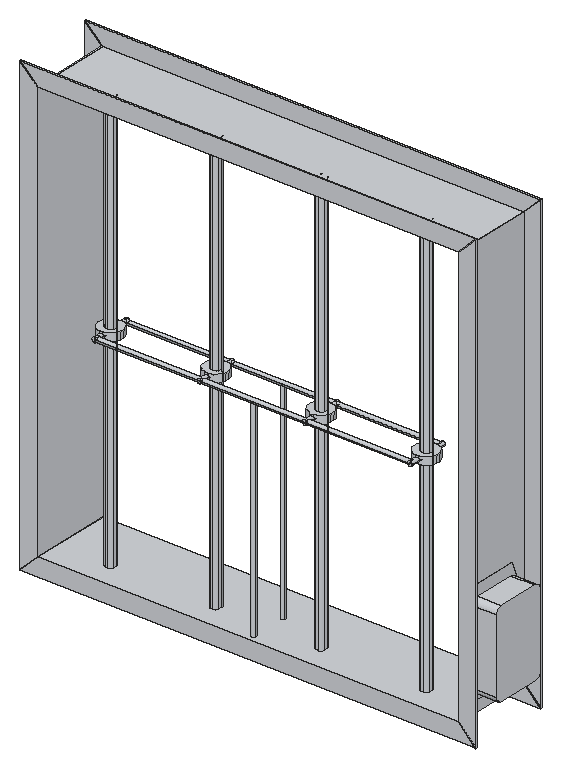
Revit family "X-10", category Mechanical Equipment, Revit 2015
Parameters
  URL = "https://unitedenertech.com/catalog/pdf/O_7%20X-10%20AMS.pdf"
  Type Comments = "Consult Factory for Max. Sizes"
  Sleeve Width O.D. [instance] = Exact Width + 0' 3"  # 3' - 3"
  Sleeve Height O.D. [instance] = Exact Height + 0' 3"  # 3' - 3"
  Model = "X-10"
  (4) Tube Visibility [instance] = if(Exact Width > 2' 11 251/256", 2 > 1, 1 > 2)  # yes
  (3) Tube Visibility [instance] = if(and(Exact Width > 1' 11 251/256", Exact Width < 2' 11 251/256"), 2 > 1, 1 > 2)  # no
  (2) Tube Visibility [instance] = if(and(Exact Width > 0' 11 251/256", Exact Width < 1' 11 251/256"), 2 > 1, 1 > 2)  # no
  (1) Tube Visibility [instance] = if(Exact Width < 0' 11 251/256", 2 > 1, 1 > 2)  # no
  Manufacturer = "United Enertech Corporation"
  Keynote = "Flow Sensors set to visibility parameters, correct number and spacing will show when loaded into project."
  Exact Width = 3' - 0"
  Exact Height = 3' - 0"
  Description = "Air Measuring Station"
  Depth = 0' - 7"
  Damper Width [instance] = Exact Width - 0' 0 1/4"  # 2' - 11 3/4"
  Damper Height [instance] = Exact Height - 0' 0 1/4"  # 2' - 11 3/4"
Reference planes (in)
  plane 1 "Center (Front/Back)": y = 0
  plane 2: z = 0
  plane 3 "Center (Left/Right)": x = 0
  plane 4: x = -18
  plane 5: x = 18
  plane 6: z = 36
  plane 7: y = 7
  plane 8: z = 18
  plane 9: x = 18.0478
  plane 10: z = 32.62969
  plane 11: y = 2.1952
  plane 12: y = 3.5
Forms (in)
  Extrusion 1, solid
    sketch origin (13, 0.1875, 0) x (1, 0, 0) y (0, 1, 0)
      loop
        circle (-13, 0.45626) r 0.1875
    from 0 to 18
  Extrusion 2, solid
    sketch origin (13, 3.29038, 0) x (1, 0, 0) y (0, 1, 0)
      loop
        circle (-13, 0.45626) r 0.1875
    from 0 to 18
Dimensions and locks (in)
  equal spacing: plane 4, plane 3 "Center (Left/Right)", plane 5
  "Exact Width": plane 4 to plane 5
  "Exact Height": plane 6 to level
  "Depth": plane 7 to plane 1 "Center (Front/Back)"
  equal spacing: plane 6, plane 8, level
  locked: plane 9 to plane 5 at 0.0478
  locked: plane 6 to plane 10 at 3.37031
  equal spacing: plane 7, plane 12, plane 1 "Center (Front/Back)"
  aligned and locked: level to plane 2
  aligned and locked: plane 8 to Extrusion 1
  aligned and locked: plane 8 to Extrusion 2
  aligned and locked: plane 9 to nested 2
  aligned and locked: plane 3 "Center (Left/Right)" to nested 1
  aligned and locked: plane 11 to nested 3
  aligned and locked: plane 3 "Center (Left/Right)" to nested 3
  aligned and locked: plane 11 to nested 4
  aligned and locked: plane 3 "Center (Left/Right)" to nested 4
  aligned and locked: plane 11 to nested 5
  aligned and locked: plane 3 "Center (Left/Right)" to nested 5
  aligned and locked: nested 6 to plane 4
  aligned and locked: plane 1 "Center (Front/Back)" to nested 6
  aligned and locked: level to nested 6
  aligned and locked: nested 8 to level
  aligned and locked: nested 8 to plane 1 "Center (Front/Back)"
  aligned and locked: plane 5 to nested 8
  aligned and locked: nested 7 to plane 3 "Center (Left/Right)"
  aligned and locked: plane 1 "Center (Front/Back)" to nested 7
  aligned and locked: level to nested 7
  aligned and locked: plane 3 "Center (Left/Right)" to nested 9
  aligned and locked: nested 9 to plane 1 "Center (Front/Back)"
  aligned and locked: plane 6 to nested 9
Automatic sketch dimensions
  Extrusion 1 sketch curve to plane 3 "Center (Left/Right)" = 0' - 0"
  Extrusion 1 sketch curve to plane 1 "Center (Front/Back)" = 0' - 0.64376"
  Extrusion 2 sketch curve to plane 3 "Center (Left/Right)" = 0' - 0"
  Extrusion 2 sketch curve to plane 1 "Center (Front/Back)" = 0' - 3.74664"
  radius of Extrusion 1 sketch curve = 0' - 0 3/16"
  radius of Extrusion 2 sketch curve = 0' - 0 3/16"
Nested families (in)
  nested 1: "Vertical Tubes" at (0, 2.1952, 0), visible <- "(1) Tube Visibility", type "Vertical Tubes"
  nested 2: "Transducer" at (32.21171, 13.85532, 4.28734), type "Transducer"
  nested 3: "2 Tubes" at (0, 2.1952, 0), visible <- "(2) Tube Visibility", type "2 Tubes"
    with Tube End 0' - 9", Tube Width 3' - 0", Tube Height 3' - 0"
  nested 4: "3 Tubes" at (0, 2.1952, 0), visible <- "(3) Tube Visibility", type "3 Tubes"
    with Tube End 0' - 6", Tube Width 3' - 0", Tube Height 3' - 0"
  nested 5: "4 Tubes" at (0, 2.1952, 0), visible <- "(4) Tube Visibility", type "4 Tubes"
    with Tube Middle 0' - 9", Tube End 0' - 4 1/2", Tube Width 3' - 0"
  nested 6: "X10 Sleeve" at (-19.5, 5.5, -1.5), type "X10 Sleeve"
    with Sleeve Height 3' - 3"
  nested 7: "X10 Sleeve Sill" at (19.5, 5.5, -1.5) x (0, 0, 1) z (-1, 0, 0), type "X10 Sleeve Sill"
    with Sleeve Height 3' - 3"
  nested 8: "X10 Sleeve" at (19.5, 5.5, -1.5) x (-1, 0, 0) z (0, 0, 1), type "X10 Sleeve"
    with Sleeve Height 3' - 3"
  nested 9: "X10 Sleeve Sill" at (19.5, 5.5, 37.5) x (0, 0, -1) z (-1, 0, 0), type "X10 Sleeve Sill"
    with Sleeve Height 3' - 3"
Definition of nested family "Vertical Tubes"
  Parameters (values of type "Vertical Tubes")
    Tube Height = 3' - 0"
  Reference planes (in)
    plane 1 "Center (Front/Back)": y = 0
    plane 2: z = 0
    plane 3 "Center (Left/Right)": x = 0
    plane 4: z = 18
    plane 5: z = 36
    plane 6: z = 17.6875
    plane 7: z = 18.3125
    plane 8: y = -1.73894
    plane 9: y = -0.74581
  Forms (in)
    Extrusion 1, solid
      sketch origin (0, 0, 0) x (1, 0, 0) y (0, 1, 0)
        loop
          arc (-0.40507, -0.1653) -> (-0.28804, -0.3293) -> (-0.10992, -0.42347) r 0.4375
          line (-0.10992, -0.42347) -> (0.10992, -0.42347)
          arc (0.10992, -0.42347) -> (0.28804, -0.3293) -> (0.40507, -0.1653) r 0.4375
          line (0.40507, -0.1653) -> (0.40507, 0.1653)
          arc (0.40507, 0.1653) -> (0.28804, 0.3293) -> (0.10992, 0.42347) r 0.4375
          line (0.10992, 0.42347) -> (-0.10992, 0.42347)
          arc (-0.10992, 0.42347) -> (-0.28804, 0.3293) -> (-0.40507, 0.1653) r 0.4375
          line (-0.40507, 0.1653) -> (-0.40507, -0.1653)
      from 0 to 36
    Extrusion 2, solid
      sketch origin (-4.5, 0, 0) x (1, 0, 0) y (0, 1, 0)
        loop
          arc (4.64833, -0.98894) -> (5.20195, -0.71223) -> (5.48668, -0.16268) r 1
          line (5.48668, -0.16268) -> (5.48668, 0.16268)
          arc (5.48668, 0.16268) -> (5.20195, 0.71223) -> (4.64833, 0.98894) r 1
          line (4.64833, 0.98894) -> (4.35167, 0.98894)
          arc (4.35167, 0.98894) -> (3.79805, 0.71223) -> (3.51332, 0.16268) r 1
          line (3.51332, 0.16268) -> (3.51332, -0.16268)
          arc (3.51332, -0.16268) -> (3.79805, -0.71223) -> (4.35167, -0.98894) r 1
          line (4.35167, -0.98894) -> (4.64833, -0.98894)
        loop
          arc (4.39008, 0.42347) -> (4.21196, 0.3293) -> (4.09493, 0.1653) r 0.4375
          line (4.09493, 0.1653) -> (4.09493, -0.1653)
          arc (4.09493, -0.1653) -> (4.21196, -0.3293) -> (4.39008, -0.42347) r 0.4375
          line (4.39008, -0.42347) -> (4.60992, -0.42347)
          arc (4.60992, -0.42347) -> (4.78804, -0.3293) -> (4.90507, -0.1653) r 0.4375
          line (4.90507, -0.1653) -> (4.90507, 0.1653)
          arc (4.90507, 0.1653) -> (4.78804, 0.3293) -> (4.60992, 0.42347) r 0.4375
          line (4.60992, 0.42347) -> (4.39008, 0.42347)
      from 17.6875 to 18.3125
    Extrusion 3, solid
      sketch origin (0, 0, 0) x (1, 0, 0) y (0, 0, 1)
        loop
          circle (0, 18) r 0.1875
      from 0.74581 to 1.73894
    Extrusion 4, solid
      sketch origin (0, 0, 0) x (1, 0, 0) y (0, 0, -1)
        loop
          circle (0, -18) r 0.1875
      from 0.74581 to 1.73894
  Lines and regions (in)
    model lines
      curve 1: line (-0.40507, -0.1653, 0) -> (-0.40507, 0.1653, 0)
      curve 2: line (-0.10992, 0.42347, 0) -> (0.10992, 0.42347, 0)
      curve 3: line (0.40507, -0.1653, 0) -> (0.40507, 0.1653, 0)
      curve 4: line (-0.10992, -0.42347, 0) -> (0.10992, -0.42347, 0)
      curve 5: arc (-0.40507, -0.1653, 0) -> (-0.28804, -0.3293, 0) -> (-0.10992, -0.42347, 0) r 0.4375
      curve 6: arc (0.10992, -0.42347, 0) -> (0.28804, -0.3293, 0) -> (0.40507, -0.1653, 0) r 0.4375
      curve 7: arc (-0.40507, 0.1653, 0) -> (-0.28804, 0.3293, 0) -> (-0.10992, 0.42347, 0) r 0.4375
      curve 8: arc (0.10992, 0.42347, 0) -> (0.28804, 0.3293, 0) -> (0.40507, 0.1653, 0) r 0.4375
  Dimensions and locks (in)
    equal spacing: plane 5, plane 4, level
    "Tube Height": plane 5 to level
    locked: plane 4 to plane 6 at 0.3125
    locked: plane 7 to plane 4 at 0.3125
    locked: plane 1 "Center (Front/Back)" to plane 9 at 0.74581
    locked: plane 9 to plane 8 at 0.99313
    aligned and locked: level to plane 2
    aligned and locked: plane 5 to Extrusion 1
    aligned and locked: plane 7 to Extrusion 2
    aligned and locked: plane 6 to Extrusion 2
    aligned and locked: Extrusion 3 to plane 8
    aligned and locked: plane 9 to Extrusion 3
  Automatic sketch dimensions
    curve 5 to curve 6 = 0' - 0"  (x2)
    curve 5 to curve 7 = 0' - 0"  (x2)
    curve 5 to curve 8 = 0' - 0"  (x2)
    curve 6 to curve 7 = 0' - 0"  (x2)
    curve 6 to curve 8 = 0' - 0"  (x2)
    curve 7 to curve 8 = 0' - 0"  (x2)
    plane 1 "Center (Front/Back)" to curve 5 = 0' - 0"
    curve 5 to plane 3 "Center (Left/Right)" = 0' - 0"
    curve 2 to plane 3 "Center (Left/Right)" = 0' - 0.10992"
    curve 4 to plane 3 "Center (Left/Right)" = 0' - 0.10992"
    plane 1 "Center (Front/Back)" to curve 1 = 0' - 0.1653"
    curve 1 to curve 5 = 0' - 0.29515"
    plane 3 "Center (Left/Right)" to curve 4 = 0' - 0.10992"
    plane 3 "Center (Left/Right)" to curve 2 = 0' - 0.10992"
    plane 1 "Center (Front/Back)" to curve 3 = 0' - 0.1653"
    curve 1 to plane 1 "Center (Front/Back)" = 0' - 0.1653"
    Extrusion 1 sketch curve to Extrusion 1 sketch curve = 0' - 0"  (x12)
    plane 1 "Center (Front/Back)" to Extrusion 1 sketch curve = 0' - 0"
    Extrusion 1 sketch curve to plane 3 "Center (Left/Right)" = 0' - 0"
    Extrusion 1 sketch curve to plane 3 "Center (Left/Right)" = 0' - 0.10992"  (x2)
    plane 1 "Center (Front/Back)" to Extrusion 1 sketch curve = 0' - 0.1653"
    Extrusion 1 sketch curve to Extrusion 1 sketch curve = 0' - 0.29515"  (x2)
    plane 3 "Center (Left/Right)" to Extrusion 1 sketch curve = 0' - 0.10992"  (x2)
    Extrusion 1 sketch curve to plane 1 "Center (Front/Back)" = 0' - 0.1653"
    Extrusion 2 sketch curve to Extrusion 2 sketch curve = 0' - 0"  (x56)
    plane 1 "Center (Front/Back)" to Extrusion 2 sketch curve = 0' - 0"
    Extrusion 2 sketch curve to plane 3 "Center (Left/Right)" = 0' - 0"
    Extrusion 2 sketch curve to plane 3 "Center (Left/Right)" = 0' - 0.10992"  (x2)
    Extrusion 2 sketch curve to plane 3 "Center (Left/Right)" = 0' - 0.14833"  (x2)
    Extrusion 2 sketch curve to plane 1 "Center (Front/Back)" = 0' - 0.1653"  (x2)
    Extrusion 2 sketch curve to Extrusion 2 sketch curve = 0' - 0.29515"
    Extrusion 2 sketch curve to plane 1 "Center (Front/Back)" = 0' - 0.16268"
    Extrusion 2 sketch curve to Extrusion 2 sketch curve = 0' - 0.58161"  (x2)
    plane 3 "Center (Left/Right)" to Extrusion 2 sketch curve = 0' - 0.10992"  (x2)
    plane 3 "Center (Left/Right)" to Extrusion 2 sketch curve = 0' - 0.14833"  (x2)
    plane 1 "Center (Front/Back)" to Extrusion 2 sketch curve = 0' - 0.16268"
    plane 1 "Center (Front/Back)" to Extrusion 2 sketch curve = 0' - 0.42347"
    Extrusion 3 sketch curve to plane 3 "Center (Left/Right)" = 0' - 0"
    Extrusion 3 sketch curve to plane 4 = 0' - 0"
    Extrusion 4 sketch curve to plane 3 "Center (Left/Right)" = 0' - 0"
    Extrusion 4 sketch curve to plane 4 = 0' - 0"
    radius of Extrusion 3 sketch curve = 0' - 0 3/16"
    radius of Extrusion 4 sketch curve = 0' - 0 3/16"
Definition of nested family "Transducer"
  Reference planes (in)
    plane 1 "Center (Front/Back)": y = 0
    plane 2: z = 0
    plane 3 "Center (Left/Right)": x = 0
  Forms (in)
    Extrusion 1, solid
      sketch origin (-14.16391, 12.68198, 11.48193) x (0, 1, 0) y (0, 0, 1)
        loop
          line (-25.4748, -7.06637) -> (-25.4748, -13.64427) -> (-24.9748, -14.76927) -> (-21.0998, -14.76927) -> (-20.5998, -13.64427) -> (-20.5998, -7.06637) -> (-21.0998, -5.94137) -> (-24.9748, -5.94137) -> (-25.4748, -7.06637)
      from 0 to 0.125
    Extrusion 2, solid
      sketch origin (-14.16391, 2.05698, 11.48193) x (0, 1, 0) y (0, 0, 1)
        loop
          line (-14.7248, -7.31637) -> (-14.7248, -13.64427)
          arc (-14.7248, -13.64427) -> (-14.57835, -13.99782) -> (-14.2248, -14.14427) r 0.5
          line (-14.2248, -14.14427) -> (-10.5998, -14.14427)
          arc (-10.5998, -14.14427) -> (-10.24625, -13.99782) -> (-10.0998, -13.64427) r 0.5
          line (-10.0998, -13.64427) -> (-10.0998, -7.31637)
          arc (-10.0998, -7.31637) -> (-10.24625, -6.96281) -> (-10.5998, -6.81637) r 0.5
          line (-10.5998, -6.81637) -> (-14.2248, -6.81637)
          arc (-14.2248, -6.81637) -> (-14.57835, -6.96281) -> (-14.7248, -7.31637) r 0.5
      from 0.125 to 2.25323
  Dimensions and locks (in)
    aligned and locked: level to plane 2
Definition of nested family "2 Tubes"
  Parameters (values of type "2 Tubes")
    Tube Width = 0' - 10"
    Tube Height = 2' - 0"
    Tube End [instance] = Tube Width / 4  # 0' - 2 1/2"
  Reference planes (in)
    plane 1 "Center (Front/Back)": y = 0
    plane 2: z = 0
    plane 3 "Center (Left/Right)": x = 0
    plane 4: z = 12
    plane 5: z = 24
    plane 6: z = 11.6875
    plane 7: z = 12.3125
    plane 8: x = -5
    plane 9: x = 5
    plane 10: x = -2.5
    plane 11: x = 2.5
  Forms (in)
    Extrusion 1, solid
      sketch origin (0, 0.1875, 0) x (0, 1, 0) y (0, 0, 1)
        loop
          circle (-1.73894, 12) r 0.1875
      from -2.5 to 2.5
    Extrusion 2, solid
      sketch origin (0, -0.1875, 0) x (0, -1, 0) y (0, 0, -1)
        loop
          circle (-1.73894, -12) r 0.1875
      from -2.5 to 2.5
  Dimensions and locks (in)
    equal spacing: plane 5, plane 4, level
    "Tube Height": plane 5 to level
    locked: plane 4 to plane 6 at 0.3125
    locked: plane 7 to plane 4 at 0.3125
    equal spacing: plane 8, plane 3 "Center (Left/Right)", plane 9
    "Tube Width": plane 8 to plane 9
    "Tube End": plane 8 to plane 10
    "Tube End": plane 11 to plane 9
    aligned and locked: level to plane 2
    aligned and locked: nested 1 to plane 10
    aligned and locked: plane 1 "Center (Front/Back)" to nested 1
    aligned and locked: nested 2 to plane 11
    aligned and locked: Extrusion 1 to plane 11
    aligned and locked: plane 10 to Extrusion 1
    aligned and locked: plane 10 to Extrusion 2
    aligned and locked: Extrusion 2 to plane 11
  Automatic sketch dimensions
    Extrusion 1 sketch curve to plane 4 = 0' - 0"
    plane 1 "Center (Front/Back)" to Extrusion 1 sketch curve = 0' - 1.55144"
    Extrusion 2 sketch curve to plane 4 = 0' - 0"
    plane 1 "Center (Front/Back)" to Extrusion 2 sketch curve = 0' - 1.55144"
    radius of Extrusion 1 sketch curve = 0' - 0 3/16"
    radius of Extrusion 2 sketch curve = 0' - 0 3/16"
  Nested families (in)
    nested 1: "Vertical Tubes" at (-2.5, 0, 0), type "Vertical Tubes"
      with Tube Height 2' - 0"
    nested 2: "Vertical Tubes" at (2.5, 0, 0), type "Vertical Tubes"
      with Tube Height 2' - 0"
  Definition of nested family "Vertical Tubes"
    Parameters (values of type "Vertical Tubes")
      Tube Height = 3' - 0"
    Reference planes (in)
      plane 1 "Center (Front/Back)": y = 0
      plane 2: z = 0
      plane 3 "Center (Left/Right)": x = 0
      plane 4: z = 18
      plane 5: z = 36
      plane 6: z = 17.6875
      plane 7: z = 18.3125
      plane 8: y = -1.73894
      plane 9: y = -0.74581
    Forms (in)
      Extrusion 1, solid
        sketch origin (0, 0, 0) x (1, 0, 0) y (0, 1, 0)
          loop
            arc (-0.40507, -0.1653) -> (-0.28804, -0.3293) -> (-0.10992, -0.42347) r 0.4375
            line (-0.10992, -0.42347) -> (0.10992, -0.42347)
            arc (0.10992, -0.42347) -> (0.28804, -0.3293) -> (0.40507, -0.1653) r 0.4375
            line (0.40507, -0.1653) -> (0.40507, 0.1653)
            arc (0.40507, 0.1653) -> (0.28804, 0.3293) -> (0.10992, 0.42347) r 0.4375
            line (0.10992, 0.42347) -> (-0.10992, 0.42347)
            arc (-0.10992, 0.42347) -> (-0.28804, 0.3293) -> (-0.40507, 0.1653) r 0.4375
            line (-0.40507, 0.1653) -> (-0.40507, -0.1653)
        from 0 to 36
      Extrusion 2, solid
        sketch origin (-4.5, 0, 0) x (1, 0, 0) y (0, 1, 0)
          loop
            arc (4.64833, -0.98894) -> (5.20195, -0.71223) -> (5.48668, -0.16268) r 1
            line (5.48668, -0.16268) -> (5.48668, 0.16268)
            arc (5.48668, 0.16268) -> (5.20195, 0.71223) -> (4.64833, 0.98894) r 1
            line (4.64833, 0.98894) -> (4.35167, 0.98894)
            arc (4.35167, 0.98894) -> (3.79805, 0.71223) -> (3.51332, 0.16268) r 1
            line (3.51332, 0.16268) -> (3.51332, -0.16268)
            arc (3.51332, -0.16268) -> (3.79805, -0.71223) -> (4.35167, -0.98894) r 1
            line (4.35167, -0.98894) -> (4.64833, -0.98894)
          loop
            arc (4.39008, 0.42347) -> (4.21196, 0.3293) -> (4.09493, 0.1653) r 0.4375
            line (4.09493, 0.1653) -> (4.09493, -0.1653)
            arc (4.09493, -0.1653) -> (4.21196, -0.3293) -> (4.39008, -0.42347) r 0.4375
            line (4.39008, -0.42347) -> (4.60992, -0.42347)
            arc (4.60992, -0.42347) -> (4.78804, -0.3293) -> (4.90507, -0.1653) r 0.4375
            line (4.90507, -0.1653) -> (4.90507, 0.1653)
            arc (4.90507, 0.1653) -> (4.78804, 0.3293) -> (4.60992, 0.42347) r 0.4375
            line (4.60992, 0.42347) -> (4.39008, 0.42347)
        from 17.6875 to 18.3125
      Extrusion 3, solid
        sketch origin (0, 0, 0) x (1, 0, 0) y (0, 0, 1)
          loop
            circle (0, 18) r 0.1875
        from 0.74581 to 1.73894
      Extrusion 4, solid
        sketch origin (0, 0, 0) x (1, 0, 0) y (0, 0, -1)
          loop
            circle (0, -18) r 0.1875
        from 0.74581 to 1.73894
    Lines and regions (in)
      model lines
        curve 1: line (-0.40507, -0.1653, 0) -> (-0.40507, 0.1653, 0)
        curve 2: line (-0.10992, 0.42347, 0) -> (0.10992, 0.42347, 0)
        curve 3: line (0.40507, -0.1653, 0) -> (0.40507, 0.1653, 0)
        curve 4: line (-0.10992, -0.42347, 0) -> (0.10992, -0.42347, 0)
        curve 5: arc (-0.40507, -0.1653, 0) -> (-0.28804, -0.3293, 0) -> (-0.10992, -0.42347, 0) r 0.4375
        curve 6: arc (0.10992, -0.42347, 0) -> (0.28804, -0.3293, 0) -> (0.40507, -0.1653, 0) r 0.4375
        curve 7: arc (-0.40507, 0.1653, 0) -> (-0.28804, 0.3293, 0) -> (-0.10992, 0.42347, 0) r 0.4375
        curve 8: arc (0.10992, 0.42347, 0) -> (0.28804, 0.3293, 0) -> (0.40507, 0.1653, 0) r 0.4375
    Dimensions and locks (in)
      equal spacing: plane 5, plane 4, level
      "Tube Height": plane 5 to level
      locked: plane 4 to plane 6 at 0.3125
      locked: plane 7 to plane 4 at 0.3125
      locked: plane 1 "Center (Front/Back)" to plane 9 at 0.74581
      locked: plane 9 to plane 8 at 0.99313
      aligned and locked: level to plane 2
      aligned and locked: plane 5 to Extrusion 1
      aligned and locked: plane 7 to Extrusion 2
      aligned and locked: plane 6 to Extrusion 2
      aligned and locked: Extrusion 3 to plane 8
      aligned and locked: plane 9 to Extrusion 3
    Automatic sketch dimensions
      curve 5 to curve 6 = 0' - 0"  (x2)
      curve 5 to curve 7 = 0' - 0"  (x2)
      curve 5 to curve 8 = 0' - 0"  (x2)
      curve 6 to curve 7 = 0' - 0"  (x2)
      curve 6 to curve 8 = 0' - 0"  (x2)
      curve 7 to curve 8 = 0' - 0"  (x2)
      plane 1 "Center (Front/Back)" to curve 5 = 0' - 0"
      curve 5 to plane 3 "Center (Left/Right)" = 0' - 0"
      curve 2 to plane 3 "Center (Left/Right)" = 0' - 0.10992"
      curve 4 to plane 3 "Center (Left/Right)" = 0' - 0.10992"
      plane 1 "Center (Front/Back)" to curve 1 = 0' - 0.1653"
      curve 1 to curve 5 = 0' - 0.29515"
      plane 3 "Center (Left/Right)" to curve 4 = 0' - 0.10992"
      plane 3 "Center (Left/Right)" to curve 2 = 0' - 0.10992"
      plane 1 "Center (Front/Back)" to curve 3 = 0' - 0.1653"
      curve 1 to plane 1 "Center (Front/Back)" = 0' - 0.1653"
      Extrusion 1 sketch curve to Extrusion 1 sketch curve = 0' - 0"  (x12)
      plane 1 "Center (Front/Back)" to Extrusion 1 sketch curve = 0' - 0"
      Extrusion 1 sketch curve to plane 3 "Center (Left/Right)" = 0' - 0"
      Extrusion 1 sketch curve to plane 3 "Center (Left/Right)" = 0' - 0.10992"  (x2)
      plane 1 "Center (Front/Back)" to Extrusion 1 sketch curve = 0' - 0.1653"
      Extrusion 1 sketch curve to Extrusion 1 sketch curve = 0' - 0.29515"  (x2)
      plane 3 "Center (Left/Right)" to Extrusion 1 sketch curve = 0' - 0.10992"  (x2)
      Extrusion 1 sketch curve to plane 1 "Center (Front/Back)" = 0' - 0.1653"
      Extrusion 2 sketch curve to Extrusion 2 sketch curve = 0' - 0"  (x56)
      plane 1 "Center (Front/Back)" to Extrusion 2 sketch curve = 0' - 0"
      Extrusion 2 sketch curve to plane 3 "Center (Left/Right)" = 0' - 0"
      Extrusion 2 sketch curve to plane 3 "Center (Left/Right)" = 0' - 0.10992"  (x2)
      Extrusion 2 sketch curve to plane 3 "Center (Left/Right)" = 0' - 0.14833"  (x2)
      Extrusion 2 sketch curve to plane 1 "Center (Front/Back)" = 0' - 0.1653"  (x2)
      Extrusion 2 sketch curve to Extrusion 2 sketch curve = 0' - 0.29515"
      Extrusion 2 sketch curve to plane 1 "Center (Front/Back)" = 0' - 0.16268"
      Extrusion 2 sketch curve to Extrusion 2 sketch curve = 0' - 0.58161"  (x2)
      plane 3 "Center (Left/Right)" to Extrusion 2 sketch curve = 0' - 0.10992"  (x2)
      plane 3 "Center (Left/Right)" to Extrusion 2 sketch curve = 0' - 0.14833"  (x2)
      plane 1 "Center (Front/Back)" to Extrusion 2 sketch curve = 0' - 0.16268"
      plane 1 "Center (Front/Back)" to Extrusion 2 sketch curve = 0' - 0.42347"
      Extrusion 3 sketch curve to plane 3 "Center (Left/Right)" = 0' - 0"
      Extrusion 3 sketch curve to plane 4 = 0' - 0"
      Extrusion 4 sketch curve to plane 3 "Center (Left/Right)" = 0' - 0"
      Extrusion 4 sketch curve to plane 4 = 0' - 0"
      radius of Extrusion 3 sketch curve = 0' - 0 3/16"
      radius of Extrusion 4 sketch curve = 0' - 0 3/16"
Definition of nested family "3 Tubes"
  Parameters (values of type "3 Tubes")
    Tube Width = 2' - 6"
    Tube Height = 2' - 0"
    Tube End [instance] = Tube Width / 6  # 0' - 5"
  Reference planes (in)
    plane 1 "Center (Front/Back)": y = 0
    plane 2: z = 0
    plane 3 "Center (Left/Right)": x = 0
    plane 4: x = -15
    plane 5: x = 15
    plane 6: z = 24
    plane 7: x = -10
    plane 8: x = 10
    plane 9: z = 12
  Forms (in)
    Extrusion 1, solid
      sketch origin (0, 0.1875, 0) x (0, 1, 0) y (0, 0, 1)
        loop
          circle (-1.73894, 12) r 0.1875
      from -10 to 10
    Extrusion 2, solid
      sketch origin (0, -0.1875, 0) x (0, -1, 0) y (0, 0, -1)
        loop
          circle (-1.73894, -12) r 0.1875
      from -10 to 10
  Dimensions and locks (in)
    equal spacing: plane 4, plane 3 "Center (Left/Right)", plane 5
    "Tube Width": plane 4 to plane 5
    "Tube Height": plane 6 to level
    "Tube End": plane 4 to plane 7
    "Tube End": plane 8 to plane 5
    equal spacing: plane 6, plane 9, level
    aligned and locked: level to plane 2
    aligned and locked: plane 1 "Center (Front/Back)" to nested 1
    aligned and locked: nested 1 to plane 8
    aligned and locked: nested 3 to plane 7
    aligned and locked: plane 3 "Center (Left/Right)" to nested 2
    aligned and locked: Extrusion 1 to plane 8
    aligned and locked: plane 7 to Extrusion 1
    aligned and locked: Extrusion 2 to plane 8
    aligned and locked: plane 7 to Extrusion 2
  Automatic sketch dimensions
    Extrusion 1 sketch curve to plane 9 = 0' - 0"
    plane 1 "Center (Front/Back)" to Extrusion 1 sketch curve = 0' - 1.55144"
    Extrusion 2 sketch curve to plane 9 = 0' - 0"
    plane 1 "Center (Front/Back)" to Extrusion 2 sketch curve = 0' - 1.55144"
    radius of Extrusion 1 sketch curve = 0' - 0 3/16"
    radius of Extrusion 2 sketch curve = 0' - 0 3/16"
  Nested families (in)
    nested 1: "Vertical Tubes" at (10, 0, 0), type "Vertical Tubes"
      with Tube Height 2' - 0"
    nested 2: "Vertical Tubes" at (0, 0, 0), type "Vertical Tubes"
      with Tube Height 2' - 0"
    nested 3: "Vertical Tubes" at (-10, 0, 0), type "Vertical Tubes"
      with Tube Height 2' - 0"
  Definition of nested family "Vertical Tubes"
    Parameters (values of type "Vertical Tubes")
      Tube Height = 3' - 0"
    Reference planes (in)
      plane 1 "Center (Front/Back)": y = 0
      plane 2: z = 0
      plane 3 "Center (Left/Right)": x = 0
      plane 4: z = 18
      plane 5: z = 36
      plane 6: z = 17.6875
      plane 7: z = 18.3125
      plane 8: y = -1.73894
      plane 9: y = -0.74581
    Forms (in)
      Extrusion 1, solid
        sketch origin (0, 0, 0) x (1, 0, 0) y (0, 1, 0)
          loop
            arc (-0.40507, -0.1653) -> (-0.28804, -0.3293) -> (-0.10992, -0.42347) r 0.4375
            line (-0.10992, -0.42347) -> (0.10992, -0.42347)
            arc (0.10992, -0.42347) -> (0.28804, -0.3293) -> (0.40507, -0.1653) r 0.4375
            line (0.40507, -0.1653) -> (0.40507, 0.1653)
            arc (0.40507, 0.1653) -> (0.28804, 0.3293) -> (0.10992, 0.42347) r 0.4375
            line (0.10992, 0.42347) -> (-0.10992, 0.42347)
            arc (-0.10992, 0.42347) -> (-0.28804, 0.3293) -> (-0.40507, 0.1653) r 0.4375
            line (-0.40507, 0.1653) -> (-0.40507, -0.1653)
        from 0 to 36
      Extrusion 2, solid
        sketch origin (-4.5, 0, 0) x (1, 0, 0) y (0, 1, 0)
          loop
            arc (4.64833, -0.98894) -> (5.20195, -0.71223) -> (5.48668, -0.16268) r 1
            line (5.48668, -0.16268) -> (5.48668, 0.16268)
            arc (5.48668, 0.16268) -> (5.20195, 0.71223) -> (4.64833, 0.98894) r 1
            line (4.64833, 0.98894) -> (4.35167, 0.98894)
            arc (4.35167, 0.98894) -> (3.79805, 0.71223) -> (3.51332, 0.16268) r 1
            line (3.51332, 0.16268) -> (3.51332, -0.16268)
            arc (3.51332, -0.16268) -> (3.79805, -0.71223) -> (4.35167, -0.98894) r 1
            line (4.35167, -0.98894) -> (4.64833, -0.98894)
          loop
            arc (4.39008, 0.42347) -> (4.21196, 0.3293) -> (4.09493, 0.1653) r 0.4375
            line (4.09493, 0.1653) -> (4.09493, -0.1653)
            arc (4.09493, -0.1653) -> (4.21196, -0.3293) -> (4.39008, -0.42347) r 0.4375
            line (4.39008, -0.42347) -> (4.60992, -0.42347)
            arc (4.60992, -0.42347) -> (4.78804, -0.3293) -> (4.90507, -0.1653) r 0.4375
            line (4.90507, -0.1653) -> (4.90507, 0.1653)
            arc (4.90507, 0.1653) -> (4.78804, 0.3293) -> (4.60992, 0.42347) r 0.4375
            line (4.60992, 0.42347) -> (4.39008, 0.42347)
        from 17.6875 to 18.3125
      Extrusion 3, solid
        sketch origin (0, 0, 0) x (1, 0, 0) y (0, 0, 1)
          loop
            circle (0, 18) r 0.1875
        from 0.74581 to 1.73894
      Extrusion 4, solid
        sketch origin (0, 0, 0) x (1, 0, 0) y (0, 0, -1)
          loop
            circle (0, -18) r 0.1875
        from 0.74581 to 1.73894
    Lines and regions (in)
      model lines
        curve 1: line (-0.40507, -0.1653, 0) -> (-0.40507, 0.1653, 0)
        curve 2: line (-0.10992, 0.42347, 0) -> (0.10992, 0.42347, 0)
        curve 3: line (0.40507, -0.1653, 0) -> (0.40507, 0.1653, 0)
        curve 4: line (-0.10992, -0.42347, 0) -> (0.10992, -0.42347, 0)
        curve 5: arc (-0.40507, -0.1653, 0) -> (-0.28804, -0.3293, 0) -> (-0.10992, -0.42347, 0) r 0.4375
        curve 6: arc (0.10992, -0.42347, 0) -> (0.28804, -0.3293, 0) -> (0.40507, -0.1653, 0) r 0.4375
        curve 7: arc (-0.40507, 0.1653, 0) -> (-0.28804, 0.3293, 0) -> (-0.10992, 0.42347, 0) r 0.4375
        curve 8: arc (0.10992, 0.42347, 0) -> (0.28804, 0.3293, 0) -> (0.40507, 0.1653, 0) r 0.4375
    Dimensions and locks (in)
      equal spacing: plane 5, plane 4, level
      "Tube Height": plane 5 to level
      locked: plane 4 to plane 6 at 0.3125
      locked: plane 7 to plane 4 at 0.3125
      locked: plane 1 "Center (Front/Back)" to plane 9 at 0.74581
      locked: plane 9 to plane 8 at 0.99313
      aligned and locked: level to plane 2
      aligned and locked: plane 5 to Extrusion 1
      aligned and locked: plane 7 to Extrusion 2
      aligned and locked: plane 6 to Extrusion 2
      aligned and locked: Extrusion 3 to plane 8
      aligned and locked: plane 9 to Extrusion 3
    Automatic sketch dimensions
      curve 5 to curve 6 = 0' - 0"  (x2)
      curve 5 to curve 7 = 0' - 0"  (x2)
      curve 5 to curve 8 = 0' - 0"  (x2)
      curve 6 to curve 7 = 0' - 0"  (x2)
      curve 6 to curve 8 = 0' - 0"  (x2)
      curve 7 to curve 8 = 0' - 0"  (x2)
      plane 1 "Center (Front/Back)" to curve 5 = 0' - 0"
      curve 5 to plane 3 "Center (Left/Right)" = 0' - 0"
      curve 2 to plane 3 "Center (Left/Right)" = 0' - 0.10992"
      curve 4 to plane 3 "Center (Left/Right)" = 0' - 0.10992"
      plane 1 "Center (Front/Back)" to curve 1 = 0' - 0.1653"
      curve 1 to curve 5 = 0' - 0.29515"
      plane 3 "Center (Left/Right)" to curve 4 = 0' - 0.10992"
      plane 3 "Center (Left/Right)" to curve 2 = 0' - 0.10992"
      plane 1 "Center (Front/Back)" to curve 3 = 0' - 0.1653"
      curve 1 to plane 1 "Center (Front/Back)" = 0' - 0.1653"
      Extrusion 1 sketch curve to Extrusion 1 sketch curve = 0' - 0"  (x12)
      plane 1 "Center (Front/Back)" to Extrusion 1 sketch curve = 0' - 0"
      Extrusion 1 sketch curve to plane 3 "Center (Left/Right)" = 0' - 0"
      Extrusion 1 sketch curve to plane 3 "Center (Left/Right)" = 0' - 0.10992"  (x2)
      plane 1 "Center (Front/Back)" to Extrusion 1 sketch curve = 0' - 0.1653"
      Extrusion 1 sketch curve to Extrusion 1 sketch curve = 0' - 0.29515"  (x2)
      plane 3 "Center (Left/Right)" to Extrusion 1 sketch curve = 0' - 0.10992"  (x2)
      Extrusion 1 sketch curve to plane 1 "Center (Front/Back)" = 0' - 0.1653"
      Extrusion 2 sketch curve to Extrusion 2 sketch curve = 0' - 0"  (x56)
      plane 1 "Center (Front/Back)" to Extrusion 2 sketch curve = 0' - 0"
      Extrusion 2 sketch curve to plane 3 "Center (Left/Right)" = 0' - 0"
      Extrusion 2 sketch curve to plane 3 "Center (Left/Right)" = 0' - 0.10992"  (x2)
      Extrusion 2 sketch curve to plane 3 "Center (Left/Right)" = 0' - 0.14833"  (x2)
      Extrusion 2 sketch curve to plane 1 "Center (Front/Back)" = 0' - 0.1653"  (x2)
      Extrusion 2 sketch curve to Extrusion 2 sketch curve = 0' - 0.29515"
      Extrusion 2 sketch curve to plane 1 "Center (Front/Back)" = 0' - 0.16268"
      Extrusion 2 sketch curve to Extrusion 2 sketch curve = 0' - 0.58161"  (x2)
      plane 3 "Center (Left/Right)" to Extrusion 2 sketch curve = 0' - 0.10992"  (x2)
      plane 3 "Center (Left/Right)" to Extrusion 2 sketch curve = 0' - 0.14833"  (x2)
      plane 1 "Center (Front/Back)" to Extrusion 2 sketch curve = 0' - 0.16268"
      plane 1 "Center (Front/Back)" to Extrusion 2 sketch curve = 0' - 0.42347"
      Extrusion 3 sketch curve to plane 3 "Center (Left/Right)" = 0' - 0"
      Extrusion 3 sketch curve to plane 4 = 0' - 0"
      Extrusion 4 sketch curve to plane 3 "Center (Left/Right)" = 0' - 0"
      Extrusion 4 sketch curve to plane 4 = 0' - 0"
      radius of Extrusion 3 sketch curve = 0' - 0 3/16"
      radius of Extrusion 4 sketch curve = 0' - 0 3/16"
Definition of nested family "4 Tubes"
  Parameters (values of type "4 Tubes")
    Tube Width = 4' - 6"
    Tube Middle [instance] = Tube Width / 4  # 1' - 1 1/2"
    Tube Height = 3' - 0"
    Tube End [instance] = Tube Width / 8  # 0' - 6 3/4"
  Reference planes (in)
    plane 1 "Center (Front/Back)": y = 0
    plane 2: z = 0
    plane 3 "Center (Left/Right)": x = 0
    plane 4: x = -27
    plane 5: x = 27
    plane 6: z = 36
    plane 7: x = -20.25
    plane 8: x = 20.25
    plane 9: x = -6.75
    plane 10: x = 6.75
    plane 11: z = 18
  Forms (in)
    Extrusion 1, solid
      sketch origin (0, 0.1875, 0) x (0, 1, 0) y (0, 0, 1)
        loop
          circle (-1.73894, 18) r 0.1875
      from -20.25 to 20.25
    Extrusion 2, solid
      sketch origin (0, -0.1875, 0) x (0, -1, 0) y (0, 0, -1)
        loop
          circle (-1.73894, -18) r 0.1875
      from -20.25 to 20.25
  Dimensions and locks (in)
    equal spacing: plane 4, plane 3 "Center (Left/Right)", plane 5
    "Tube Width": plane 4 to plane 5
    "Tube Height": plane 6 to level
    "Tube End": plane 4 to plane 7
    "Tube End": plane 8 to plane 5
    "Tube Middle": plane 7 to plane 9
    "Tube Middle": plane 10 to plane 8
    equal spacing: plane 6, plane 11, level
    aligned and locked: level to plane 2
    aligned and locked: plane 1 "Center (Front/Back)" to nested 1
    aligned and locked: plane 8 to nested 1
    aligned and locked: nested 4 to plane 7
    aligned and locked: nested 3 to plane 9
    aligned and locked: plane 10 to nested 2
    aligned and locked: plane 8 to Extrusion 1
    aligned and locked: plane 7 to Extrusion 1
    aligned and locked: plane 7 to Extrusion 2
    aligned and locked: plane 8 to Extrusion 2
  Automatic sketch dimensions
    Extrusion 1 sketch curve to plane 11 = 0' - 0"
    plane 1 "Center (Front/Back)" to Extrusion 1 sketch curve = 0' - 1.55144"
    Extrusion 2 sketch curve to plane 11 = 0' - 0"
    plane 1 "Center (Front/Back)" to Extrusion 2 sketch curve = 0' - 1.55144"
    radius of Extrusion 1 sketch curve = 0' - 0 3/16"
    radius of Extrusion 2 sketch curve = 0' - 0 3/16"
  Nested families (in)
    nested 1: "Vertical Tubes" at (20.25, 0, 0), type "Vertical Tubes"
    nested 2: "Vertical Tubes" at (6.75, 0, 0), type "Vertical Tubes"
    nested 3: "Vertical Tubes" at (-6.75, 0, 0), type "Vertical Tubes"
    nested 4: "Vertical Tubes" at (-20.25, 0, 0), type "Vertical Tubes"
  Definition of nested family "Vertical Tubes"
    Parameters (values of type "Vertical Tubes")
      Tube Height = 3' - 0"
    Reference planes (in)
      plane 1 "Center (Front/Back)": y = 0
      plane 2: z = 0
      plane 3 "Center (Left/Right)": x = 0
      plane 4: z = 18
      plane 5: z = 36
      plane 6: z = 17.6875
      plane 7: z = 18.3125
      plane 8: y = -1.73894
      plane 9: y = -0.74581
    Forms (in)
      Extrusion 1, solid
        sketch origin (0, 0, 0) x (1, 0, 0) y (0, 1, 0)
          loop
            arc (-0.40507, -0.1653) -> (-0.28804, -0.3293) -> (-0.10992, -0.42347) r 0.4375
            line (-0.10992, -0.42347) -> (0.10992, -0.42347)
            arc (0.10992, -0.42347) -> (0.28804, -0.3293) -> (0.40507, -0.1653) r 0.4375
            line (0.40507, -0.1653) -> (0.40507, 0.1653)
            arc (0.40507, 0.1653) -> (0.28804, 0.3293) -> (0.10992, 0.42347) r 0.4375
            line (0.10992, 0.42347) -> (-0.10992, 0.42347)
            arc (-0.10992, 0.42347) -> (-0.28804, 0.3293) -> (-0.40507, 0.1653) r 0.4375
            line (-0.40507, 0.1653) -> (-0.40507, -0.1653)
        from 0 to 36
      Extrusion 2, solid
        sketch origin (-4.5, 0, 0) x (1, 0, 0) y (0, 1, 0)
          loop
            arc (4.64833, -0.98894) -> (5.20195, -0.71223) -> (5.48668, -0.16268) r 1
            line (5.48668, -0.16268) -> (5.48668, 0.16268)
            arc (5.48668, 0.16268) -> (5.20195, 0.71223) -> (4.64833, 0.98894) r 1
            line (4.64833, 0.98894) -> (4.35167, 0.98894)
            arc (4.35167, 0.98894) -> (3.79805, 0.71223) -> (3.51332, 0.16268) r 1
            line (3.51332, 0.16268) -> (3.51332, -0.16268)
            arc (3.51332, -0.16268) -> (3.79805, -0.71223) -> (4.35167, -0.98894) r 1
            line (4.35167, -0.98894) -> (4.64833, -0.98894)
          loop
            arc (4.39008, 0.42347) -> (4.21196, 0.3293) -> (4.09493, 0.1653) r 0.4375
            line (4.09493, 0.1653) -> (4.09493, -0.1653)
            arc (4.09493, -0.1653) -> (4.21196, -0.3293) -> (4.39008, -0.42347) r 0.4375
            line (4.39008, -0.42347) -> (4.60992, -0.42347)
            arc (4.60992, -0.42347) -> (4.78804, -0.3293) -> (4.90507, -0.1653) r 0.4375
            line (4.90507, -0.1653) -> (4.90507, 0.1653)
            arc (4.90507, 0.1653) -> (4.78804, 0.3293) -> (4.60992, 0.42347) r 0.4375
            line (4.60992, 0.42347) -> (4.39008, 0.42347)
        from 17.6875 to 18.3125
      Extrusion 3, solid
        sketch origin (0, 0, 0) x (1, 0, 0) y (0, 0, 1)
          loop
            circle (0, 18) r 0.1875
        from 0.74581 to 1.73894
      Extrusion 4, solid
        sketch origin (0, 0, 0) x (1, 0, 0) y (0, 0, -1)
          loop
            circle (0, -18) r 0.1875
        from 0.74581 to 1.73894
    Lines and regions (in)
      model lines
        curve 1: line (-0.40507, -0.1653, 0) -> (-0.40507, 0.1653, 0)
        curve 2: line (-0.10992, 0.42347, 0) -> (0.10992, 0.42347, 0)
        curve 3: line (0.40507, -0.1653, 0) -> (0.40507, 0.1653, 0)
        curve 4: line (-0.10992, -0.42347, 0) -> (0.10992, -0.42347, 0)
        curve 5: arc (-0.40507, -0.1653, 0) -> (-0.28804, -0.3293, 0) -> (-0.10992, -0.42347, 0) r 0.4375
        curve 6: arc (0.10992, -0.42347, 0) -> (0.28804, -0.3293, 0) -> (0.40507, -0.1653, 0) r 0.4375
        curve 7: arc (-0.40507, 0.1653, 0) -> (-0.28804, 0.3293, 0) -> (-0.10992, 0.42347, 0) r 0.4375
        curve 8: arc (0.10992, 0.42347, 0) -> (0.28804, 0.3293, 0) -> (0.40507, 0.1653, 0) r 0.4375
    Dimensions and locks (in)
      equal spacing: plane 5, plane 4, level
      "Tube Height": plane 5 to level
      locked: plane 4 to plane 6 at 0.3125
      locked: plane 7 to plane 4 at 0.3125
      locked: plane 1 "Center (Front/Back)" to plane 9 at 0.74581
      locked: plane 9 to plane 8 at 0.99313
      aligned and locked: level to plane 2
      aligned and locked: plane 5 to Extrusion 1
      aligned and locked: plane 7 to Extrusion 2
      aligned and locked: plane 6 to Extrusion 2
      aligned and locked: Extrusion 3 to plane 8
      aligned and locked: plane 9 to Extrusion 3
    Automatic sketch dimensions
      curve 5 to curve 6 = 0' - 0"  (x2)
      curve 5 to curve 7 = 0' - 0"  (x2)
      curve 5 to curve 8 = 0' - 0"  (x2)
      curve 6 to curve 7 = 0' - 0"  (x2)
      curve 6 to curve 8 = 0' - 0"  (x2)
      curve 7 to curve 8 = 0' - 0"  (x2)
      plane 1 "Center (Front/Back)" to curve 5 = 0' - 0"
      curve 5 to plane 3 "Center (Left/Right)" = 0' - 0"
      curve 2 to plane 3 "Center (Left/Right)" = 0' - 0.10992"
      curve 4 to plane 3 "Center (Left/Right)" = 0' - 0.10992"
      plane 1 "Center (Front/Back)" to curve 1 = 0' - 0.1653"
      curve 1 to curve 5 = 0' - 0.29515"
      plane 3 "Center (Left/Right)" to curve 4 = 0' - 0.10992"
      plane 3 "Center (Left/Right)" to curve 2 = 0' - 0.10992"
      plane 1 "Center (Front/Back)" to curve 3 = 0' - 0.1653"
      curve 1 to plane 1 "Center (Front/Back)" = 0' - 0.1653"
      Extrusion 1 sketch curve to Extrusion 1 sketch curve = 0' - 0"  (x12)
      plane 1 "Center (Front/Back)" to Extrusion 1 sketch curve = 0' - 0"
      Extrusion 1 sketch curve to plane 3 "Center (Left/Right)" = 0' - 0"
      Extrusion 1 sketch curve to plane 3 "Center (Left/Right)" = 0' - 0.10992"  (x2)
      plane 1 "Center (Front/Back)" to Extrusion 1 sketch curve = 0' - 0.1653"
      Extrusion 1 sketch curve to Extrusion 1 sketch curve = 0' - 0.29515"  (x2)
      plane 3 "Center (Left/Right)" to Extrusion 1 sketch curve = 0' - 0.10992"  (x2)
      Extrusion 1 sketch curve to plane 1 "Center (Front/Back)" = 0' - 0.1653"
      Extrusion 2 sketch curve to Extrusion 2 sketch curve = 0' - 0"  (x56)
      plane 1 "Center (Front/Back)" to Extrusion 2 sketch curve = 0' - 0"
      Extrusion 2 sketch curve to plane 3 "Center (Left/Right)" = 0' - 0"
      Extrusion 2 sketch curve to plane 3 "Center (Left/Right)" = 0' - 0.10992"  (x2)
      Extrusion 2 sketch curve to plane 3 "Center (Left/Right)" = 0' - 0.14833"  (x2)
      Extrusion 2 sketch curve to plane 1 "Center (Front/Back)" = 0' - 0.1653"  (x2)
      Extrusion 2 sketch curve to Extrusion 2 sketch curve = 0' - 0.29515"
      Extrusion 2 sketch curve to plane 1 "Center (Front/Back)" = 0' - 0.16268"
      Extrusion 2 sketch curve to Extrusion 2 sketch curve = 0' - 0.58161"  (x2)
      plane 3 "Center (Left/Right)" to Extrusion 2 sketch curve = 0' - 0.10992"  (x2)
      plane 3 "Center (Left/Right)" to Extrusion 2 sketch curve = 0' - 0.14833"  (x2)
      plane 1 "Center (Front/Back)" to Extrusion 2 sketch curve = 0' - 0.16268"
      plane 1 "Center (Front/Back)" to Extrusion 2 sketch curve = 0' - 0.42347"
      Extrusion 3 sketch curve to plane 3 "Center (Left/Right)" = 0' - 0"
      Extrusion 3 sketch curve to plane 4 = 0' - 0"
      Extrusion 4 sketch curve to plane 3 "Center (Left/Right)" = 0' - 0"
      Extrusion 4 sketch curve to plane 4 = 0' - 0"
      radius of Extrusion 3 sketch curve = 0' - 0 3/16"
      radius of Extrusion 4 sketch curve = 0' - 0 3/16"
Definition of nested family "X10 Sleeve"
  Parameters (values of type "X10 Sleeve")
    Sleeve Height = 4' - 3"
  Reference planes (in)
    plane 1 "Center (Front/Back)": y = 0
    plane 2: z = 0
    plane 3 "Center (Left/Right)": x = 0
    plane 4: z = 51
  Forms (in)
    Extrusion 1, solid
      sketch origin (34.47473, 6.1468, 0) x (1, 0, 0) y (0, 1, 0)
        loop
          line (-34.47473, -11.6468) -> (-32.97473, -11.6468) -> (-32.97473, -4.6468) -> (-34.47473, -4.6468) -> (-34.47473, -4.6946) -> (-33.02253, -4.6946) -> (-33.02253, -11.599) -> (-34.47473, -11.599) -> (-34.47473, -11.6468)
      from 0 to 51
    Extrusion 2, void
      sketch origin (1.56793, 0, -1.56793) x (1, 0, 0) y (0, 0, 1)
        loop
          line (-1.56793, 52.56793) -> (3.35876, 47.64124) -> (3.35876, 52.56793) -> (-1.56793, 52.56793)
      from -11.65041 to 12
    Extrusion 3, void
      sketch origin (1.56793, 0, 25.56793) x (1, 0, 0) y (0, 0, 1)
        loop
          line (-1.56793, -25.56793) -> (3.35876, -25.56793) -> (3.35876, -20.64124) -> (-1.56793, -25.56793)
      from -11.65041 to 12
  Cuts and joins
    Extrusion 2, Extrusion 3 cuts Extrusion 1
  Dimensions and locks (in)
    "Sleeve Height": plane 4 to level
    aligned and locked: level to plane 2
    aligned and locked: plane 4 to Extrusion 1
    aligned and locked: Extrusion 1 to level
    aligned and locked: plane 4 to Extrusion 2
  Automatic sketch dimensions
    Extrusion 1 sketch curve to plane 3 "Center (Left/Right)" = 0' - 0"  (x2)
    Extrusion 1 sketch curve to Extrusion 1 sketch curve = 0' - 1.4522"
    Extrusion 1 sketch curve to Extrusion 1 sketch curve = 0' - 0.0478"  (x3)
    plane 1 "Center (Front/Back)" to Extrusion 1 sketch curve = 0' - 5 1/2"
    Extrusion 1 sketch curve to plane 1 "Center (Front/Back)" = 0' - 1.4522"
    Extrusion 2 sketch curve to plane 4 = 0' - 0"
    plane 3 "Center (Left/Right)" to Extrusion 2 sketch curve = 0' - 0"
    Extrusion 2 sketch curve to Extrusion 2 sketch curve = 0' - 4.92669"
    Extrusion 2 sketch curve to plane 4 = 0' - 4.92669"
    Extrusion 3 sketch curve to plane 3 "Center (Left/Right)" = 0' - 0"
    Extrusion 3 sketch curve to Extrusion 3 sketch curve = 0' - 4.92669"  (x2)
    Extrusion 3 sketch curve to level = 0' - 4.92669"
Definition of nested family "X10 Sleeve Sill"
  Parameters (values of type "X10 Sleeve Sill")
    Sleeve Height = 4' - 3"
  Reference planes (in)
    plane 1 "Center (Front/Back)": y = 0
    plane 2: z = 0
    plane 3 "Center (Left/Right)": x = 0
    plane 4: z = 51
    plane 5: z = 25.5
  Forms (in)
    Extrusion 1, solid
      sketch origin (34.47473, 6.1468, 0) x (1, 0, 0) y (0, 1, 0)
        loop
          line (-34.47473, -11.6468) -> (-32.97473, -11.6468) -> (-32.97473, -4.6468) -> (-34.47473, -4.6468) -> (-34.47473, -4.6946) -> (-33.02253, -4.6946) -> (-33.02253, -11.599) -> (-34.47473, -11.599) -> (-34.47473, -11.6468)
      from 0 to 51
    Extrusion 2, void
      sketch origin (1.56793, 0, -1.56793) x (1, 0, 0) y (0, 0, 1)
        loop
          line (-1.56793, 52.56793) -> (3.35876, 47.64124) -> (3.35876, 52.56793) -> (-1.56793, 52.56793)
      from -11.65041 to 12
    Extrusion 3, void
      sketch origin (1.56793, 0, 25.56793) x (1, 0, 0) y (0, 0, 1)
        loop
          line (-1.56793, -25.56793) -> (3.35876, -25.56793) -> (3.35876, -20.64124) -> (-1.56793, -25.56793)
      from -11.65041 to 12
  Cuts and joins
    Extrusion 2, Extrusion 3 cuts Extrusion 1
  Dimensions and locks (in)
    "Sleeve Height": plane 4 to level
    equal spacing: plane 4, plane 5, level
    aligned and locked: level to plane 2
    aligned and locked: plane 4 to Extrusion 1
    aligned and locked: Extrusion 1 to level
    aligned and locked: plane 4 to Extrusion 2
  Automatic sketch dimensions
    Extrusion 1 sketch curve to plane 3 "Center (Left/Right)" = 0' - 0"  (x2)
    Extrusion 1 sketch curve to Extrusion 1 sketch curve = 0' - 1.4522"
    Extrusion 1 sketch curve to Extrusion 1 sketch curve = 0' - 0.0478"  (x3)
    plane 1 "Center (Front/Back)" to Extrusion 1 sketch curve = 0' - 5 1/2"
    Extrusion 1 sketch curve to plane 1 "Center (Front/Back)" = 0' - 1.4522"
    Extrusion 2 sketch curve to plane 4 = 0' - 0"
    plane 3 "Center (Left/Right)" to Extrusion 2 sketch curve = 0' - 0"
    Extrusion 2 sketch curve to Extrusion 2 sketch curve = 0' - 4.92669"
    Extrusion 2 sketch curve to plane 4 = 0' - 4.92669"
    Extrusion 3 sketch curve to plane 3 "Center (Left/Right)" = 0' - 0"
    Extrusion 3 sketch curve to Extrusion 3 sketch curve = 0' - 4.92669"  (x2)
    Extrusion 3 sketch curve to level = 0' - 4.92669"
